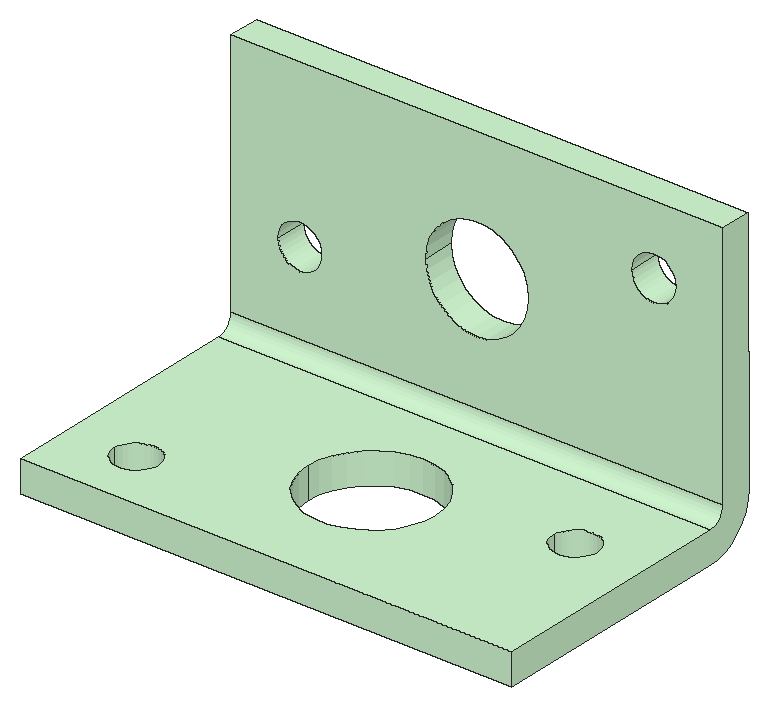
Revit family "l3-2x30x50", category 機械設備, Revit 2022
Family settings
  丸型コネクタ寸法 = 直径を使用
  種別 = なし
  パーツ タイプ = 標準
  作業面ベース = いいえ
  常に垂直 = はい
  ロード時にボイドで切り取り = いいえ
  注釈の向きを維持 = いいえ
  共有 = いいえ
  部屋計算ポイント = いいえ
Parameters
  製造元 = "株式会社桐井製作所"
  既定の高さ = 0 mm
  URL = "https://www.kirii.co.jp/"
  K_品名 = "L-t3.2×30×50L"
  K_名称 = "その他金物"
  K_入数 = "200"
  K_バージョン情報 = "20210524"
Reference planes
  plane 1 "中心(正面/背面)": y = 0
  plane 2: z = 0
  plane 3 "中心(左/右)": x = 0
Forms (mm)
  Extrusion 1, solid
    sketch origin (0, 0, 0) x (0, 0, -1) y (0, 1, 0)
      loop
        line (-30, -3.2) -> (-4.8, -3.2)
        arc (-4.8, -3.2) -> (-3.669, -3.669) -> (-3.2, -4.8) r 1.6
        line (-3.2, -4.8) -> (-3.2, -30) -> (0, -30) -> (0, -4.8)
        arc (0, -4.8) -> (-1.406, -1.406) -> (-4.8, 0) r 4.8
        line (-4.8, 0) -> (-30, 0) -> (-30, -3.2)
    from -25 to 25
  Extrusion 2, void
    sketch origin (0, 0, 0) x (1, 0, 0) y (0, 1, 0)
      loop
        circle (0, -16.6) r 6.5
      loop
        circle (18, -13.2) r 2.25
      loop
        circle (-18, -24) r 2.25
    from 0 to 3.2
  Extrusion 3, void
    sketch origin (0, 0, 0) x (1, 0, 0) y (0, 0, -1)
      loop
        circle (18, -23) r 2.25
      loop
        circle (-18, -13.2) r 2.25
      loop
        circle (0, -16.6) r 5.25
    from -3.2 to 0
Cuts and joins
  Extrusion 2, Extrusion 3 cuts Extrusion 1
Dimensions and locks
  aligned and locked: level to plane 2
